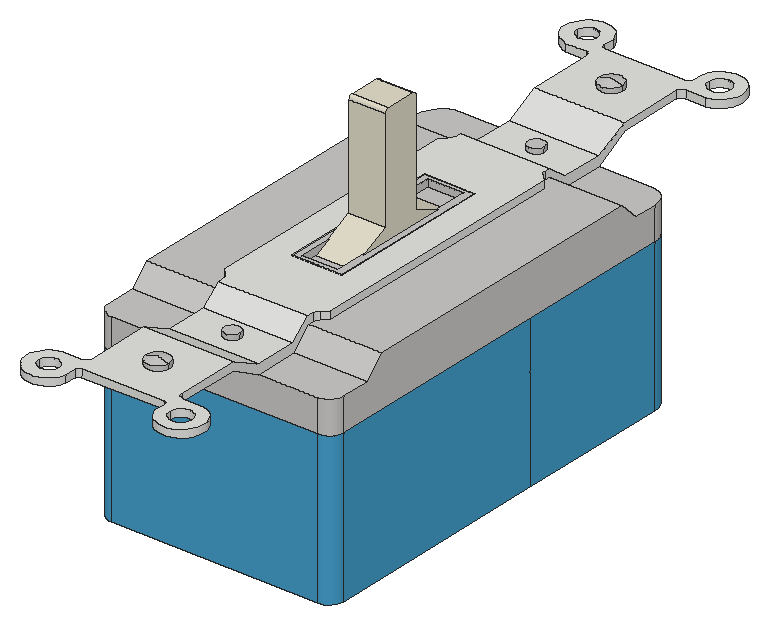
Revit family "LVS1HD", category Communication Devices, host Face, Revit 2014
Parameters
  Warranty = "5-Years Warranty"  # constant formula
  Type Comments = "Heavy Duty Low Voltage Wall Switch"  # constant formula
  Switch = Porcelain, Ivory
  Product Page URL = "https://www.hubbell.com/hubbellcontrolsolutions/en/Products/Lighting-Controls/Lighting-Controls-Sensors/Low-Voltage-Switch-Stations/LVS1HD/p/2141060"
  Product Documentation Link = "https://hubbellcdn.com/specsheet/3318.2_Heavy_Duty_Low_Voltage_Switch.pdf"
  URL = "https://www.hubbell.com/hubbellcontrolsolutions/en"
  Model = "LVS1HD"  # constant formula
  Metal = Steel, Non-Alloy
  Manufacturer = "Hubbell Control Solutions"  # constant formula
  Feartures = "• Gang-able, uses standard switch plate (not supplied)\r\n• Abuse resistant nylon toggle\r\n• UL 94V-2 flammability rating\r\n• Heavy duty Silver Alloy contacts\r\n• Compatible with CX panel low voltage inputs\r\n• Use NXCI Contact Interface module for compatibility with NX™\r\ndistributed controls\r\n• UL listed, CSA certified\r\n• Low voltage device: 24 VDC"  # constant formula
  Description = "Our LVS1HD heavy duty wall switch is ideal for high abuse applications where standard plastic low voltage wall switch stations are not suitable. The LVS1HD looks like a standard wall switch except has a spring loaded return to center toggle action that can be connected to lighting controls expecting a dry contact momentary input."  # constant formula
  Default Elevation = 48.00"
  Copyright = "Copyright © 2021 Hubbell Control Solutions"  # constant formula
  Contact Us = "https://www.hubbell.com/hubbellcontrolsolutions/en/contactUs"
  Housing Material = Metal-Hubbell-Galvanized_Steel
  Blue = Plastic - Hubbell - Blue
  Assembly Code = "D5090"
Reference planes (in)
  plane 1 "Center (Front/Back)": y = 11.68155
  plane 2: z = 0
  plane 3 "Center (Left/Right)": x = 0
  plane 4: z = 1.83
  plane 5: x = -0.66
  plane 6: x = 0.66
  plane 7: y = 13.71155
  plane 8: y = 9.65155
  plane 9: y = 10.49155
  plane 10: y = 12.87155
Forms (in)
  Extrusion 1, solid, material "Metal-Hubbell-Galvanized_Steel" <- "Housing Material"
    sketch origin (0, 0, 0) x (1, 0, 0) y (0, 1, 0)
      loop
        arc (-0.53102, 12.87155) -> (-0.62222, 12.83378) -> (-0.66, 12.74258) r 0.12898
        line (-0.66, 12.74258) -> (-0.66, 10.57529)
        arc (-0.66, 10.57529) -> (-0.63547, 10.51608) -> (-0.57627, 10.49155) r 0.08373
        line (-0.57627, 10.49155) -> (0.58015, 10.49155)
        arc (0.58015, 10.49155) -> (0.63661, 10.51494) -> (0.66, 10.57141) r 0.07985
        line (0.66, 10.57141) -> (0.66, 12.75402)
        arc (0.66, 12.75402) -> (0.62557, 12.83713) -> (0.54246, 12.87155) r 0.11754
        line (0.54246, 12.87155) -> (-0.53102, 12.87155)
    from 0.84646 to 1.13
  Extrusion 2, solid, material "Porcelain, Ivory" <- "Switch"
    sketch origin (0, 0, 0.73941) x (0, 1, 0) y (0, 0, 1)
      loop
        line (11.7855, 0.5004) -> (11.7855, 1.07038)
        arc (11.7855, 1.07038) -> (11.77957, 1.08467) -> (11.76528, 1.09059) r 0.02021
        line (11.76528, 1.09059) -> (11.59584, 1.09059)
        arc (11.59584, 1.09059) -> (11.58079, 1.08436) -> (11.57456, 1.06931) r 0.02128
        line (11.57456, 1.06931) -> (11.57456, 0.5) -> (11.23941, 0.34372) -> (12.12151, 0.34372) -> (11.7855, 0.5004)
    from -0.11074 to 0.09474
  Extrusion 3, void
    sketch origin (0, 0, 0) x (0, -1, 0) y (0, 0, 1)
      loop
        line (-12.87155, 1.13) -> (-12.87155, 1.03018) -> (-12.62155, 1.03018) -> (-12.52174, 1.13) -> (-12.87155, 1.13)
      loop
        line (-10.49155, 1.03018) -> (-10.49155, 1.13) -> (-10.84137, 1.13) -> (-10.74155, 1.03018) -> (-10.49155, 1.03018)
    from -0.66 to 0.66
  Extrusion 4, solid, material "Steel, Non-Alloy" <- "Metal"
    sketch origin (0, 0, 0) x (1, 0, 0) y (0, 1, 0)
      loop
        line (-0.29681, 12.42695) -> (-0.29681, 10.93616) -> (-0.26274, 10.90209)
        arc (-0.26274, 10.90209) -> (-0.25331, 10.88798) -> (-0.25, 10.87134) r 0.04349
        line (-0.25, 10.87134) -> (-0.25, 10.8353) -> (0.25, 10.8353) -> (0.25, 10.87134)
        arc (0.25, 10.87134) -> (0.25331, 10.88798) -> (0.26274, 10.90209) r 0.04349
        line (0.26274, 10.90209) -> (0.29681, 10.93616) -> (0.29681, 12.42695) -> (0.26274, 12.46102)
        arc (0.26274, 12.46102) -> (0.25331, 12.47513) -> (0.25, 12.49177) r 0.04349
        line (0.25, 12.49177) -> (0.25, 12.5278) -> (-0.25, 12.5278) -> (-0.25, 12.49177)
        arc (-0.25, 12.49177) -> (-0.25331, 12.47513) -> (-0.26274, 12.46102) r 0.04349
        line (-0.26274, 12.46102) -> (-0.29681, 12.42695)
      loop
        line (-0.14643, 12.1467) -> (-0.14643, 11.21583) -> (0.13283, 11.21583) -> (0.13283, 12.1467) -> (-0.14643, 12.1467)
      loop
        line (-0.25, 13.05188) -> (0.25, 13.05188) -> (0.25, 13.41491)
        arc (0.25, 13.41491) -> (0.25881, 13.43617) -> (0.28007, 13.44498) r 0.03007
        line (0.28007, 13.44498) -> (0.39084, 13.44498)
        arc (0.39084, 13.44498) -> (0.46345, 13.65269) -> (0.25, 13.59927) r 0.125
        line (0.25, 13.59927) -> (0.25, 13.53544)
        arc (0.25, 13.53544) -> (0.24364, 13.52009) -> (0.22829, 13.51373) r 0.02171
        line (0.22829, 13.51373) -> (-0.22829, 13.51373)
        arc (-0.22829, 13.51373) -> (-0.24364, 13.52009) -> (-0.25, 13.53544) r 0.02171
        line (-0.25, 13.53544) -> (-0.25, 13.59927)
        arc (-0.25, 13.59927) -> (-0.46345, 13.65269) -> (-0.39084, 13.44498) r 0.125
        line (-0.39084, 13.44498) -> (-0.28007, 13.44498)
        arc (-0.28007, 13.44498) -> (-0.25881, 13.43617) -> (-0.25, 13.41491) r 0.03007
        line (-0.25, 13.41491) -> (-0.25, 13.05188)
      loop
        circle (0.37113, 13.56842) r 0.06315
      loop
        circle (-0.37113, 13.56842) r 0.05662
      loop
        line (-0.25, 10.31123) -> (-0.25, 9.9482)
        arc (-0.25, 9.9482) -> (-0.25881, 9.92694) -> (-0.28007, 9.91813) r 0.03007
        line (-0.28007, 9.91813) -> (-0.39084, 9.91813)
        arc (-0.39084, 9.91813) -> (-0.46345, 9.71042) -> (-0.25, 9.76384) r 0.125
        line (-0.25, 9.76384) -> (-0.25, 9.82767)
        arc (-0.25, 9.82767) -> (-0.24364, 9.84302) -> (-0.22829, 9.84938) r 0.02171
        line (-0.22829, 9.84938) -> (0.22829, 9.84938)
        arc (0.22829, 9.84938) -> (0.24364, 9.84302) -> (0.25, 9.82767) r 0.02171
        line (0.25, 9.82767) -> (0.25, 9.76384)
        arc (0.25, 9.76384) -> (0.46345, 9.71042) -> (0.39084, 9.91813) r 0.125
        line (0.39084, 9.91813) -> (0.28007, 9.91813)
        arc (0.28007, 9.91813) -> (0.25881, 9.92694) -> (0.25, 9.9482) r 0.03007
        line (0.25, 9.9482) -> (0.25, 10.31123) -> (-0.25, 10.31123)
      loop
        circle (0.37113, 9.79469) r 0.06315
      loop
        circle (-0.37113, 9.79469) r 0.05662
    from 1.13 to 1.17178
  Extrusion 5, solid, material "Steel, Non-Alloy" <- "Metal"
    sketch origin (0, 0, 0) x (0, 1, 0) y (0, 0, 1)
      loop
        line (13.05188, 1.17178) -> (12.87155, 1.08602) -> (12.63389, 1.08602) -> (12.5278, 1.17178) -> (12.5278, 1.12805) -> (12.62567, 1.03018) -> (12.87155, 1.03018) -> (13.05188, 1.13) -> (13.05188, 1.17178)
      loop
        line (10.49155, 1.08602) -> (10.31123, 1.17178) -> (10.31123, 1.13) -> (10.49155, 1.03018) -> (10.73744, 1.03018) -> (10.8353, 1.12805) -> (10.8353, 1.17178) -> (10.72921, 1.08602) -> (10.49155, 1.08602)
    from -0.25 to 0.25
  Extrusion 6, solid, material "Plastic - Hubbell - Blue" <- "Blue"
    sketch origin (0, 0, 0) x (1, 0, 0) y (0, 1, 0)
      loop
        line (0.54246, 12.87155) -> (-0.53102, 12.87155)
        arc (-0.53102, 12.87155) -> (-0.62222, 12.83378) -> (-0.66, 12.74258) r 0.12898
        line (-0.66, 12.74258) -> (-0.66, 11.94398) -> (-0.66, 10.57529)
        arc (-0.66, 10.57529) -> (-0.63547, 10.51608) -> (-0.57627, 10.49155) r 0.08373
        line (-0.57627, 10.49155) -> (0.58015, 10.49155)
        arc (0.58015, 10.49155) -> (0.63661, 10.51494) -> (0.66, 10.57141) r 0.07985
        line (0.66, 10.57141) -> (0.66, 11.87944) -> (0.66, 12.75402)
        arc (0.66, 12.75402) -> (0.62557, 12.83713) -> (0.54246, 12.87155) r 0.11754
    from 0 to 0.84646
  Extrusion 7, solid, material "Metal-Hubbell-Galvanized_Steel" <- "Housing Material"
    sketch origin (0, 0, 0) x (1, 0, 0) y (0, 1, 0)
      loop
        line (-0.14643, 12.1467) -> (-0.14643, 11.21583) -> (0.13283, 11.21583) -> (0.13283, 12.1467) -> (-0.14643, 12.1467)
      loop
        line (-0.11074, 12.12151) -> (-0.11074, 11.23941) -> (0.09474, 11.23941) -> (0.09474, 12.12151) -> (-0.11074, 12.12151)
    from 1.13 to 1.17178
  Revolve 8, solid, material "Metal-Hubbell-Galvanized_Steel" <- "Housing Material"
    sketch origin (0, 13.27005, 0.02344) x (1, 0, 0) y (0, 0, 1)
      loop
        line (0, 1.13) -> (0.06445, 1.13) -> (0.06445, 1.17178)
        arc (0.06445, 1.17178) -> (0.03249, 1.1814) -> (0, 1.18904) r 0.54158
        line (0, 1.18904) -> (0, 1.13)
      axis (0, 1.18904) -> (0, 1.13)
    angle from 0 to 360
  Revolve 9, solid, material "Metal-Hubbell-Galvanized_Steel" <- "Housing Material"
    sketch origin (0, 10.09305, 0.02344) x (1, 0, 0) y (0, 0, -1)
      loop
        line (0, -1.13) -> (0, -1.18904)
        arc (0, -1.18904) -> (0.03249, -1.1814) -> (0.06445, -1.17178) r 0.54158
        line (0.06445, -1.17178) -> (0.06445, -1.13) -> (0, -1.13)
      axis (0, -1.18904) -> (0, -1.13)
    angle from 0 to 360
  Extrusion 10, solid, material "Metal-Hubbell-Galvanized_Steel" <- "Housing Material"
    sketch origin (0, 0, 0) x (1, 0, 0) y (0, 1, 0)
      loop
        circle (0, 12.74681) r 0.04466
      loop
        circle (0, 10.6163) r 0.04466
    from 1.08312 to 1.11051
Cuts and joins
  Extrusion 3 cuts Extrusion 1
  Extrusion 3 cuts Extrusion 2
  joined: Extrusion 4, Extrusion 5
Dimensions and locks (in)
  plane 4 to plane 2 = 1.83"
  aligned and locked: plane 2 to host face
  aligned and locked: level to host face
  aligned and locked: plane 4 to Extrusion 2 sketch curve
  aligned and locked: Extrusion 5 to Extrusion 4  (x2)
  aligned and locked: Extrusion 6 to cut or joined group of Extrusion 1, Extrusion 3
  aligned and locked: Extrusion 10 to cut or joined group of Extrusion 2, Extrusion 3
Connectors (in)
  electrical at (0, 11.68155, 1.13)
    settings: on cut or joined group of Extrusion 1, Extrusion 3, index 1, voltage 0 V, apparent load 0 VA, apparent load phase1 0 VA, apparent load phase2 0 VA, apparent load phase3 0 VA, power factor 1, load classification "Other", number of poles 1, system type 14, power factor state 1, is connector primary yes, connector utility no, sub classification motor no, connector description "Lighting Controls\r Switch"
